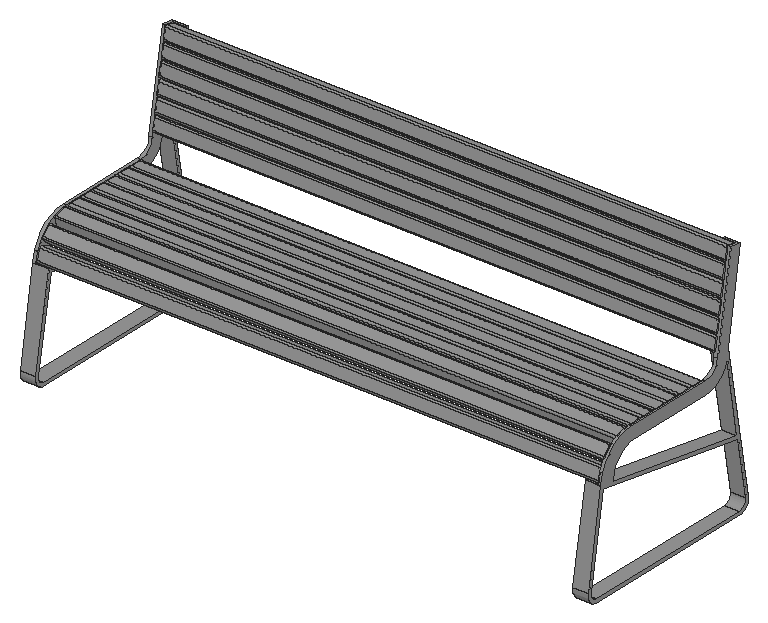
Revit family "Скамейка стальная «Деметра» Арт 14123", category Антураж, Revit 2018
Family settings
  На основе рабочей плоскости = Нет
  Всегда вертикально = Да
  При загрузке вырезать с полостями = Нет
  Источник визуального образа = Геометрия семейства
  Общий = Нет
  Точка расчета площади = Нет
Parameters (values of type "Скамейка стальная «Деметра»")
  Ширина = 650 mm  # constant formula
  Цвет опор = Сталь
  Цвет лавки = Дерево
  Описание = "Скамейка стальная «Деметра»"  # constant formula
  Материал изделия = "Сталь, дерево"  # constant formula
  Изображение типоразмера = Скамейка стальная «Деметра» Арт 14123.jpg
  Изготовитель = "ООО «Хоббика»"  # constant formula
  Длина = 1850 mm  # constant formula
  Группа модели = "Скамейки"  # constant formula
  Высота = 800 mm  # constant formula
  Артикул товара = "Арт. 14123"  # constant formula
  URL = "https://hobbyka.ru/product/skameyka_demetra/"
Reference planes
  plane 1 "По центру (Вперед/Назад)": y = 0
  plane 2: z = 0
  plane 3 "По центру (Влево/Вправо)": x = 0
  plane 4: x = 1850
  plane 5: y = 650
  plane 6: z = 800
Forms (mm)
  Extrusion 1, solid, material "Сталь" <- "Цвет опор"
    sketch origin (0, 0, 0) x (0, 1, 0) y (0, 0, 1)
      loop
        line (567.156, 509.081) -> (617.228, 793.054) -> (607.38, 794.791) -> (557.001, 509.081) -> (605.396, 235.619) -> (51.635, 333.218) -> (0, 40.247)
        arc (0, 40.247) -> (7.502, 12.25) -> (33.771, 0) r 34.292
        line (33.771, 0) -> (616.229, 0)
        arc (616.229, 0) -> (642.498, 12.25) -> (650, 40.247) r 34.292
        line (650, 40.247) -> (567.156, 509.081)
      loop
        line (640.152, 38.511) -> (607.244, 225.139) -> (59.747, 321.633) -> (9.848, 38.511)
        arc (9.848, 38.511) -> (15.162, 18.678) -> (33.771, 10) r 24.292
        line (33.771, 10) -> (616.229, 10)
        arc (616.229, 10) -> (634.838, 18.678) -> (640.152, 38.511) r 24.292
    from 0 to 50
  Extrusion 2, solid, material "Сталь" <- "Цвет опор"
    sketch origin (0, 0, 0) x (0, 1, 0) y (0, 0, 1)
      loop
        line (57.879, 367.495) -> (51.635, 332.086) -> (97.703, 323.963) -> (102.967, 353.814)
        arc (102.967, 353.814) -> (134.921, 395.458) -> (184.982, 411.242) r 87.279
        line (184.982, 411.242) -> (478.482, 411.242)
        arc (478.482, 411.242) -> (529.429, 427.966) -> (560.552, 471.63) r 85.962
        line (560.552, 471.63) -> (617.228, 793.054) -> (577.835, 800) -> (524.444, 497.204)
        arc (524.444, 497.204) -> (510.982, 464.704) -> (478.482, 451.242) r 45.962
        line (478.482, 451.242) -> (177.482, 451.242)
        arc (177.482, 451.242) -> (104.478, 428.224) -> (57.879, 367.495) r 127.279
    from 0 to 10
  Extrusion 3, solid, material "Сталь" <- "Цвет опор"
    sketch origin (1800, 0, 0) x (0, 1, 0) y (0, 0, -1)
      loop
        arc (650, -40.247) -> (642.498, -12.25) -> (616.229, 0) r 34.292
        line (616.229, 0) -> (33.771, 0)
        arc (33.771, 0) -> (7.704, -12.052) -> (0, -39.717) r 34.216
        line (0, -39.717) -> (51.635, -333.086) -> (605.396, -235.619) -> (557.001, -509.081) -> (607.38, -794.791) -> (617.228, -793.054) -> (567.156, -509.081) -> (650, -40.247)
      loop
        line (59.747, -321.501) -> (607.244, -225.139) -> (640.152, -38.528)
        arc (640.152, -38.528) -> (634.846, -18.682) -> (616.229, -9.997) r 24.295
        line (616.229, -9.997) -> (33.771, -9.997)
        arc (33.771, -9.997) -> (15.359, -18.482) -> (9.848, -37.993) r 24.22
        line (9.848, -37.993) -> (59.747, -321.501)
    from -50 to 0
  Extrusion 4, solid, material "Сталь" <- "Цвет опор"
    sketch origin (1800, 0, 0) x (0, 1, 0) y (0, 0, -1)
      loop
        arc (57.879, -367.495) -> (104.478, -428.224) -> (177.482, -451.242) r 127.279
        line (177.482, -451.242) -> (478.482, -451.242)
        arc (478.482, -451.242) -> (510.982, -464.704) -> (524.444, -497.204) r 45.962
        line (524.444, -497.204) -> (577.835, -800) -> (617.228, -793.054) -> (560.552, -471.63)
        arc (560.552, -471.63) -> (529.429, -427.966) -> (478.482, -411.242) r 85.962
        line (478.482, -411.242) -> (184.982, -411.242)
        arc (184.982, -411.242) -> (134.921, -395.458) -> (102.967, -353.814) r 87.279
        line (102.967, -353.814) -> (97.703, -323.963) -> (51.635, -332.086) -> (57.879, -367.495)
    from -50 to -40
  Extrusion 5, solid, material "Дерево" <- "Цвет лавки"
    sketch origin (0, 0, 0) x (0, 1, 0) y (0, 0, 1)
      loop
        line (575.967, 795.076) -> (569.889, 760.608)
        arc (569.889, 760.608) -> (570.718, 756.872) -> (573.945, 754.815) r 5
        line (573.945, 754.815) -> (598.565, 750.474) -> (606.38, 794.791) -> (581.759, 799.132)
        arc (581.759, 799.132) -> (578.023, 798.303) -> (575.967, 795.076) r 5
      loop
        line (567.285, 745.836) -> (561.207, 711.367)
        arc (561.207, 711.367) -> (562.035, 707.631) -> (565.263, 705.575) r 5
        line (565.263, 705.575) -> (589.883, 701.234) -> (597.697, 745.55) -> (573.077, 749.891)
        arc (573.077, 749.891) -> (569.341, 749.063) -> (567.285, 745.836) r 5
      loop
        line (558.602, 696.595) -> (552.525, 662.127)
        arc (552.525, 662.127) -> (553.353, 658.391) -> (556.58, 656.335) r 5
        line (556.58, 656.335) -> (581.201, 651.993) -> (589.015, 696.31) -> (564.395, 700.651)
        arc (564.395, 700.651) -> (560.658, 699.823) -> (558.602, 696.595) r 5
      loop
        line (549.92, 647.355) -> (543.842, 612.887)
        arc (543.842, 612.887) -> (544.67, 609.15) -> (547.898, 607.094) r 5
        line (547.898, 607.094) -> (572.518, 602.753) -> (580.332, 647.069) -> (555.712, 651.411)
        arc (555.712, 651.411) -> (551.976, 650.582) -> (549.92, 647.355) r 5
      loop
        line (541.237, 598.114) -> (535.16, 563.646)
        arc (535.16, 563.646) -> (535.988, 559.91) -> (539.216, 557.854) r 5
        line (539.216, 557.854) -> (563.836, 553.513) -> (571.65, 597.829) -> (547.03, 602.17)
        arc (547.03, 602.17) -> (543.294, 601.342) -> (541.237, 598.114) r 5
      loop
        line (532.555, 548.874) -> (526.477, 514.406)
        arc (526.477, 514.406) -> (527.306, 510.67) -> (530.533, 508.613) r 5
        line (530.533, 508.613) -> (555.153, 504.272) -> (562.968, 548.589) -> (538.347, 552.93)
        arc (538.347, 552.93) -> (534.611, 552.102) -> (532.555, 548.874) r 5
      loop
        line (471.911, 451.242) -> (436.911, 451.242)
        arc (436.911, 451.242) -> (433.375, 449.777) -> (431.911, 446.242) r 5
        line (431.911, 446.242) -> (431.911, 421.242) -> (476.911, 421.242) -> (476.911, 446.242)
        arc (476.911, 446.242) -> (475.446, 449.777) -> (471.911, 451.242) r 5
      loop
        line (421.911, 451.242) -> (386.911, 451.242)
        arc (386.911, 451.242) -> (383.375, 449.777) -> (381.911, 446.242) r 5
        line (381.911, 446.242) -> (381.911, 421.242) -> (426.911, 421.242) -> (426.911, 446.242)
        arc (426.911, 446.242) -> (425.446, 449.777) -> (421.911, 451.242) r 5
      loop
        line (371.911, 451.242) -> (336.911, 451.242)
        arc (336.911, 451.242) -> (333.375, 449.777) -> (331.911, 446.242) r 5
        line (331.911, 446.242) -> (331.911, 421.242) -> (376.911, 421.242) -> (376.911, 446.242)
        arc (376.911, 446.242) -> (375.446, 449.777) -> (371.911, 451.242) r 5
      loop
        line (321.911, 451.242) -> (286.911, 451.242)
        arc (286.911, 451.242) -> (283.375, 449.777) -> (281.911, 446.242) r 5
        line (281.911, 446.242) -> (281.911, 421.242) -> (326.911, 421.242) -> (326.911, 446.242)
        arc (326.911, 446.242) -> (325.446, 449.777) -> (321.911, 451.242) r 5
      loop
        line (271.911, 451.242) -> (236.911, 451.242)
        arc (236.911, 451.242) -> (233.375, 449.777) -> (231.911, 446.242) r 5
        line (231.911, 446.242) -> (231.911, 421.242) -> (276.911, 421.242) -> (276.911, 446.242)
        arc (276.911, 446.242) -> (275.446, 449.777) -> (271.911, 451.242) r 5
      loop
        line (221.911, 451.242) -> (186.911, 451.242)
        arc (186.911, 451.242) -> (183.375, 449.777) -> (181.911, 446.242) r 5
        line (181.911, 446.242) -> (181.911, 421.242) -> (226.911, 421.242) -> (226.911, 446.242)
        arc (226.911, 446.242) -> (225.446, 449.777) -> (221.911, 451.242) r 5
      loop
        line (163.033, 449.801) -> (129.151, 441.022)
        arc (129.151, 441.022) -> (126.096, 438.718) -> (125.565, 434.928) r 5
        line (125.565, 434.928) -> (131.835, 410.727) -> (175.397, 422.014) -> (169.127, 446.214)
        arc (169.127, 446.214) -> (166.822, 449.27) -> (163.033, 449.801) r 5
      loop
        line (102.352, 426.172) -> (77.263, 401.768)
        arc (77.263, 401.768) -> (75.749, 398.254) -> (77.165, 394.698) r 5
        line (77.165, 394.698) -> (94.596, 376.777) -> (126.853, 408.153) -> (109.422, 426.074)
        arc (109.422, 426.074) -> (105.907, 427.587) -> (102.352, 426.172) r 5
      loop
        line (63.85, 374.967) -> (53.278, 341.602)
        arc (53.278, 341.602) -> (53.606, 337.789) -> (56.534, 335.325) r 5
        line (56.534, 335.325) -> (80.366, 327.773) -> (93.959, 370.671) -> (70.127, 378.223)
        arc (70.127, 378.223) -> (66.314, 377.895) -> (63.85, 374.967) r 5
    from 10 to 1840
Cuts and joins
  joined: Extrusion 1, Extrusion 2
  joined: Extrusion 3, Extrusion 4
Dimensions and locks
  "Длина": plane 3 "По центру (Влево/Вправо)" to plane 4
  "Ширина": plane 5 to plane 1 "По центру (Вперед/Назад)"
  "Высота": plane 6 to plane 2
  aligned and locked: level to plane 2
Automatic sketch dimensions
  Extrusion 1 sketch curve to Extrusion 1 sketch curve = 0 mm  (x5)
  Extrusion 1 sketch curve to plane 1 "По центру (Вперед/Назад)" = 0 mm
  Extrusion 1 sketch curve to level = 0 mm
  Extrusion 1 sketch curve to plane 5 = 0 mm
  Extrusion 1 sketch curve to plane 1 "По центру (Вперед/Назад)" = 9.848 mm
  Extrusion 1 sketch curve to plane 1 "По центру (Вперед/Назад)" = 33.771 mm
  Extrusion 1 sketch curve to plane 1 "По центру (Вперед/Назад)" = 51.635 mm
  Extrusion 1 sketch curve to Extrusion 1 sketch curve = 8.112 mm
  Extrusion 1 sketch curve to plane 5 = 44.604 mm
  Extrusion 1 sketch curve to Extrusion 1 sketch curve = 1.848 mm
  Extrusion 1 sketch curve to plane 5 = 33.771 mm
  Extrusion 1 sketch curve to plane 5 = 9.848 mm
  Extrusion 1 sketch curve to Extrusion 1 sketch curve = 10 mm
  Extrusion 1 sketch curve to Extrusion 1 sketch curve = 24.292 mm  (x2)
  Extrusion 1 sketch curve to Extrusion 1 sketch curve = 186.628 mm
  Extrusion 1 sketch curve to Extrusion 1 sketch curve = 10.48 mm
  Extrusion 2 sketch curve to Extrusion 2 sketch curve = 0 mm  (x2)
  Extrusion 2 sketch curve to plane 6 = 0 mm
  Extrusion 2 sketch curve to plane 1 "По центру (Вперед/Назад)" = 51.635 mm
  Extrusion 2 sketch curve to Extrusion 2 sketch curve = 6.244 mm
  Extrusion 2 sketch curve to Extrusion 2 sketch curve = 46.068 mm
  Extrusion 2 sketch curve to Extrusion 2 sketch curve = 5.264 mm
  Extrusion 2 sketch curve to Extrusion 2 sketch curve = 79.779 mm
  Extrusion 2 sketch curve to Extrusion 2 sketch curve = 7.5 mm
  Extrusion 2 sketch curve to plane 5 = 171.518 mm
  Extrusion 2 sketch curve to Extrusion 2 sketch curve = 45.962 mm
  Extrusion 2 sketch curve to Extrusion 2 sketch curve = 36.108 mm
  Extrusion 2 sketch curve to plane 5 = 72.165 mm
  Extrusion 2 sketch curve to plane 5 = 32.772 mm
  Extrusion 2 sketch curve to Extrusion 2 sketch curve = 6.946 mm
  Extrusion 2 sketch curve to Extrusion 2 sketch curve = 43.747 mm
  Extrusion 2 sketch curve to Extrusion 2 sketch curve = 13.681 mm
  Extrusion 4 sketch curve to Extrusion 4 sketch curve = 0 mm  (x2)
  Extrusion 4 sketch curve to plane 6 = 0 mm
  Extrusion 4 sketch curve to plane 1 "По центру (Вперед/Назад)" = 51.635 mm
  Extrusion 4 sketch curve to Extrusion 4 sketch curve = 6.244 mm
  Extrusion 4 sketch curve to Extrusion 4 sketch curve = 46.068 mm
  Extrusion 4 sketch curve to Extrusion 4 sketch curve = 5.264 mm
  Extrusion 4 sketch curve to Extrusion 4 sketch curve = 79.779 mm
  Extrusion 4 sketch curve to Extrusion 4 sketch curve = 7.5 mm
  Extrusion 4 sketch curve to plane 5 = 171.518 mm
  Extrusion 4 sketch curve to Extrusion 4 sketch curve = 45.962 mm
  Extrusion 4 sketch curve to Extrusion 4 sketch curve = 36.108 mm
  Extrusion 4 sketch curve to plane 5 = 72.165 mm
  Extrusion 4 sketch curve to plane 5 = 32.772 mm
  Extrusion 4 sketch curve to Extrusion 4 sketch curve = 6.946 mm
  Extrusion 4 sketch curve to Extrusion 4 sketch curve = 43.747 mm
  Extrusion 4 sketch curve to Extrusion 4 sketch curve = 13.681 mm
  Extrusion 1 sketch curve to plane 5 = 42.62 mm
  Extrusion 1 sketch curve to plane 6 = 6.946 mm
  Extrusion 1 sketch curve to plane 6 = 5.209 mm
  Extrusion 1 sketch curve to plane 5 = 92.999 mm
  Extrusion 1 sketch curve to Extrusion 1 sketch curve = 9.848 mm
  Extrusion 3 sketch curve to plane 1 "По центру (Вперед/Назад)" = 0 mm
  Extrusion 3 sketch curve to level = 0 mm
  Extrusion 3 sketch curve to plane 5 = 0 mm
  Extrusion 3 sketch curve to plane 1 "По центру (Вперед/Назад)" = 33.771 mm
  Extrusion 3 sketch curve to plane 1 "По центру (Вперед/Назад)" = 51.635 mm
  Extrusion 3 sketch curve to plane 5 = 92.999 mm
  Extrusion 3 sketch curve to Extrusion 3 sketch curve = 10.154 mm
  Extrusion 3 sketch curve to plane 5 = 44.604 mm
  Extrusion 3 sketch curve to plane 6 = 5.209 mm
  Extrusion 3 sketch curve to plane 5 = 42.62 mm
  Extrusion 3 sketch curve to plane 5 = 33.771 mm
  Extrusion 3 sketch curve to Extrusion 3 sketch curve = 9.848 mm
  Extrusion 3 sketch curve to Extrusion 3 sketch curve = 1.736 mm
  level to Extrusion 3 sketch curve = 333.086 mm
  level to Extrusion 3 sketch curve = 235.619 mm
  level to Extrusion 3 sketch curve = 40.247 mm
  Extrusion 3 sketch curve to Extrusion 3 sketch curve = 0 mm  (x4)
  Extrusion 3 sketch curve to plane 1 "По центру (Вперед/Назад)" = 9.848 mm
  Extrusion 3 sketch curve to Extrusion 3 sketch curve = 8.112 mm
  Extrusion 3 sketch curve to Extrusion 3 sketch curve = 1.848 mm
  Extrusion 3 sketch curve to plane 5 = 9.848 mm
  Extrusion 3 sketch curve to Extrusion 3 sketch curve = 11.585 mm
  Extrusion 3 sketch curve to Extrusion 3 sketch curve = 10.48 mm
  Extrusion 5 sketch curve to plane 1 "По центру (Вперед/Назад)" = 53.278 mm
  Extrusion 5 sketch curve to Extrusion 5 sketch curve = 3.256 mm  (x2)
  Extrusion 5 sketch curve to Extrusion 5 sketch curve = 4.766 mm  (x2)
  Extrusion 5 sketch curve to Extrusion 5 sketch curve = 10.572 mm
  Extrusion 5 sketch curve to Extrusion 5 sketch curve = 1.51 mm
  Extrusion 5 sketch curve to Extrusion 5 sketch curve = 7.038 mm
  Extrusion 5 sketch curve to Extrusion 5 sketch curve = 0.098 mm  (x2)
  Extrusion 5 sketch curve to Extrusion 5 sketch curve = 23.832 mm  (x2)
  Extrusion 5 sketch curve to Extrusion 5 sketch curve = 3.486 mm  (x2)
  Extrusion 5 sketch curve to Extrusion 5 sketch curve = 0.637 mm
  Extrusion 5 sketch curve to Extrusion 5 sketch curve = 25.089 mm
  Extrusion 5 sketch curve to Extrusion 5 sketch curve = 3.584 mm
  Extrusion 5 sketch curve to Extrusion 5 sketch curve = 16.143 mm
  Extrusion 5 sketch curve to Extrusion 5 sketch curve = 17.431 mm
  Extrusion 5 sketch curve to Extrusion 5 sketch curve = 3.586 mm  (x2)
  Extrusion 5 sketch curve to Extrusion 5 sketch curve = 1.254 mm  (x2)
  Extrusion 5 sketch curve to Extrusion 5 sketch curve = 4.982 mm
  Extrusion 5 sketch curve to Extrusion 5 sketch curve = 33.881 mm
  Extrusion 5 sketch curve to Extrusion 5 sketch curve = 4.84 mm  (x2)
  Extrusion 5 sketch curve to Extrusion 5 sketch curve = 6.27 mm
  Extrusion 5 sketch curve to Extrusion 5 sketch curve = 6.513 mm
  Extrusion 5 sketch curve to Extrusion 5 sketch curve = 5 mm  (x21)
  Extrusion 5 sketch curve to Extrusion 5 sketch curve = 35 mm  (x6)
  Extrusion 5 sketch curve to Extrusion 5 sketch curve = 54.567 mm
  Extrusion 5 sketch curve to Extrusion 5 sketch curve = 4.056 mm  (x6)
  Extrusion 5 sketch curve to Extrusion 5 sketch curve = 4.924 mm  (x22)
  Extrusion 5 sketch curve to Extrusion 5 sketch curve = 6.078 mm  (x6)
  Extrusion 5 sketch curve to Extrusion 5 sketch curve = 2.605 mm  (x5)
  Extrusion 5 sketch curve to Extrusion 5 sketch curve = 0.868 mm  (x16)
  Extrusion 5 sketch curve to Extrusion 5 sketch curve = 24.62 mm  (x6)
  Extrusion 5 sketch curve to plane 6 = 39.392 mm
  Extrusion 5 sketch curve to plane 6 = 45.185 mm
  Extrusion 5 sketch curve to plane 6 = 4.924 mm
  Extrusion 5 sketch curve to plane 6 = 0.868 mm
  Extrusion 5 sketch curve to plane 6 = 5.209 mm
  Extrusion 5 sketch curve to Extrusion 5 sketch curve = 5.792 mm  (x5)
  Extrusion 5 sketch curve to Extrusion 5 sketch curve = 63.164 mm
  Extrusion 5 sketch curve to Extrusion 5 sketch curve = 57.372 mm
  Extrusion 5 sketch curve to Extrusion 5 sketch curve = 3.559 mm
  Extrusion 5 sketch curve to Extrusion 5 sketch curve = 8.778 mm
  Extrusion 5 sketch curve to Extrusion 5 sketch curve = 8.756 mm
  Extrusion 5 sketch curve to Extrusion 5 sketch curve = 25 mm  (x3)
  Extrusion 5 sketch curve to Extrusion 5 sketch curve = 0.772 mm
  Extrusion 5 sketch curve to Extrusion 5 sketch curve = 0 mm  (x2)
  Extrusion 5 sketch curve to Extrusion 5 sketch curve = 2.574 mm
  Extrusion 5 sketch curve to Extrusion 5 sketch curve = 7.07 mm
  Extrusion 5 sketch curve to Extrusion 5 sketch curve = 16.475 mm
  Extrusion 5 sketch curve to Extrusion 5 sketch curve = 6.106 mm
  Extrusion 5 sketch curve to Extrusion 5 sketch curve = 6.277 mm
